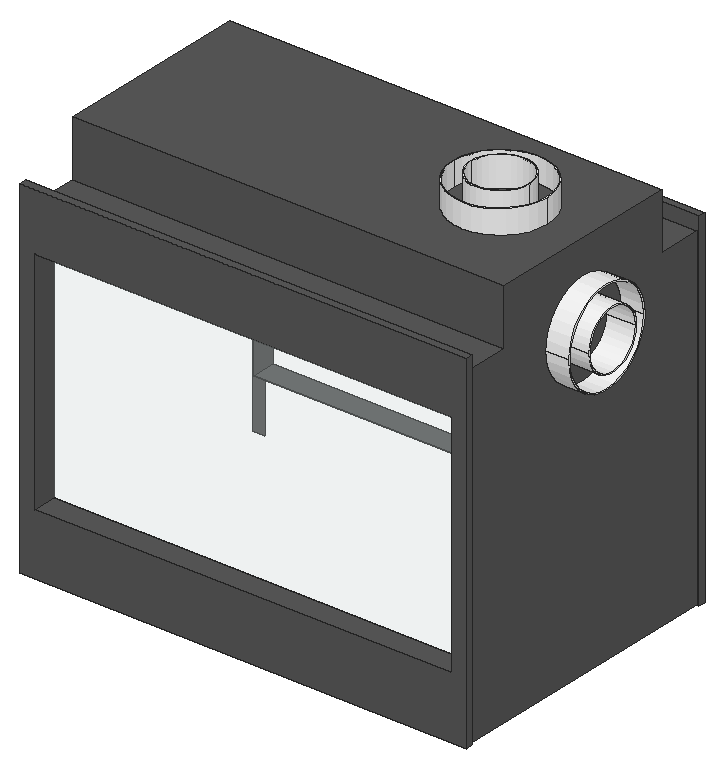
Revit family "L38", category Generic Models, Revit 2019
Family settings
  Can host rebar = No
  Round Connector Dimension = Use Diameter
  Part Type = Normal
  Work Plane-Based = No
  Always vertical = Yes
  Cut with Voids When Loaded = No
  Shared = No
  Room Calculation Point = No
Parameters
  Width = 12 5/16"
  URL = "https://www.montigo.com/"
  Model = ""
  Manufacturer Fax = ""
  Manufacturer Website = "https://www.montigo.com/"
  Manufacturer Phone - Toll Free = "800-378-3115"
  Manufacturer Phone = ""
  Manufacturer Address = "27342 Gloucester Way  Langley, BC, Canada   V4W 4A1"
  Manufacturer = "Montigo"
  Length = 53 7/16"
  Keynote = ""
  Glazing Tint = Glass - Montigo - Tint as Specified
  Frame Material = Metal - Montigo - Black
  Firebox Material = Metal - Montigo - White
  Fire Place Length = 50 5/16"
  Fire Place Height = 24 1/2"
  Fire Place - Opening = 16 9/16"
  Description = "Montigo Fireplace as Specified"
  Base Height = 6 9/16"
Reference planes (in)
  plane 1 "Center (Front/Back)": y = 0
  plane 2: z = 0
  plane 3 "Center (Left/Right)": x = 0
Forms (in)
  Extrusion 1, solid, material "Metal - Montigo - Black" <- "Frame Material"
    sketch origin (0, 0, 0) x (1, 0, 0) y (0, 1, 0)
      loop
        line (-17.8405, 12) -> (-17.8405, -12) -> (18.661, -12) -> (18.661, 12) -> (-17.8405, 12)
    from 0 to 28.298
  Extrusion 2, solid, material "Metal - Montigo - Black" <- "Frame Material"
    sketch origin (0, 0, 0) x (1, 0, 0) y (0, 1, 0)
      loop
        line (-17.8405, 8.3125) -> (-17.8405, -8.3125) -> (18.661, -8.3125) -> (18.661, 8.3125) -> (-17.8405, 8.3125)
    from 28.298 to 33.04599
  Extrusion 3, solid, material "Metal - Montigo - Black" <- "Frame Material"
    sketch origin (0, 0, 0) x (1, 0, 0) y (0, 1, 0)
      loop
        line (-18.845, 12) -> (18.875, 12) -> (18.875, 12.57495) -> (-18.845, 12.57495) -> (-18.845, 12)
    from 0 to 29.5
  Extrusion 4, solid, material "Metal - Montigo - Black" <- "Frame Material"
    sketch origin (0, 0, 0) x (1, 0, 0) y (0, 1, 0)
      loop
        line (-18.845, -12) -> (-18.845, -12.57495) -> (18.875, -12.57495) -> (18.875, -12) -> (-18.845, -12)
    from 0 to 29.5
  Extrusion 5, void
    sketch origin (42.25, -6.4375, 0) x (-1, 0, 0) y (0, 0, -1)
      loop
        line (59.86, -24.625) -> (59.86, -5.25) -> (24.61, -5.25) -> (24.61, -24.625) -> (59.86, -24.625)
    from 4.13605 to 12
  Extrusion 6, void
    sketch origin (42.25, 6.4375, 0) x (-1, 0, 0) y (0, 0, 1)
      loop
        line (59.86, 24.625) -> (24.61, 24.625) -> (24.61, 5.25) -> (59.86, 5.25) -> (59.86, 24.625)
    from 4.13605 to 12
Cuts and joins
  Extrusion 5, Extrusion 6 cuts Extrusion 1
  Extrusion 5, Extrusion 6 cuts Extrusion 2
  Extrusion 5, Extrusion 6 cuts Extrusion 3
  Extrusion 5, Extrusion 6 cuts Extrusion 4
  joined: Extrusion 1, Extrusion 2, Extrusion 3, Extrusion 4
Dimensions and locks (in)
  Extrusion 3 to Extrusion 3 = 37.72"
  aligned and locked: level to plane 2
  aligned and locked: nested 2 to plane 1 "Center (Front/Back)"
  aligned and locked: nested 1 to plane 1 "Center (Front/Back)"
  aligned and locked: nested 4 to plane 1 "Center (Front/Back)"
  aligned and locked: nested 3 to plane 1 "Center (Front/Back)"
Nested families (in)
  nested 1: "Duct Dia" at (11.661, 0, 33.04599) x (-1, 0, 0) z (0, 0, 1), type "5""
    with Intake Duct Dia 5", Intake Diameter 4 7/8", Height 2 1/2"
  nested 2: "Duct Dia" at (11.661, 0, 33.04599) x (-1, 0, 0) z (0, 0, 1), type "8""
    with Intake Duct Dia 8", Intake Diameter 7 7/8", Height 2"
  nested 3: "Duct Dia" at (18.661, 0, 26.25) x (0, 1, 0) z (1, 0, 0), type "5""
    with Intake Duct Dia 5", Intake Diameter 4 7/8", Height 2 1/2"
  nested 4: "Duct Dia" at (18.661, 0, 26.25) x (0, 1, 0) z (1, 0, 0), type "8""
    with Intake Duct Dia 8", Intake Diameter 7 7/8", Height 2"
Connectors (in)
  hvac at (11.661, 0, 35.54599)
    settings: on nested 1, index 2, duct flow 0.0 L/s, flow factor 0, pres drop 0.0 Pa, loss coef 0, conn angle 0.00°, conn width 304.8 mm, conn height 304.8 mm, conn diameter 127 mm, duct sys type 3, conn prof type 0, flow config 0, flow direction 0, loss method 0, conn ref index -1, conn util no, is conn primary yes, conn desc ""
  hvac at (11.661, 0, 35.04599)
    settings: on nested 2, index 3, duct flow 0.0 L/s, flow factor 0, pres drop 0.0 Pa, loss coef 0, conn angle 0.00°, conn width 304.8 mm, conn height 304.8 mm, conn diameter 203.2 mm, duct sys type 3, conn prof type 0, flow config 0, flow direction 0, loss method 0, conn ref index -1, conn util no, is conn primary no, conn desc ""
  hvac at (21.161, 0, 26.25)
    settings: on nested 3, index 4, duct flow 0.0 L/s, flow factor 0, pres drop 0.0 Pa, loss coef 0, conn angle 0.00°, conn width 304.8 mm, conn height 304.8 mm, conn diameter 127 mm, duct sys type 3, conn prof type 0, flow config 0, flow direction 0, loss method 0, conn ref index -1, conn util no, is conn primary no, conn desc ""
  hvac at (20.661, 0, 26.25)
    settings: on nested 4, index 5, duct flow 0.0 L/s, flow factor 0, pres drop 0.0 Pa, loss coef 0, conn angle 0.00°, conn width 304.8 mm, conn height 304.8 mm, conn diameter 203.2 mm, duct sys type 3, conn prof type 0, flow config 0, flow direction 0, loss method 0, conn ref index -1, conn util no, is conn primary no, conn desc ""
Definition of nested family "Duct Dia"
  Parameters (values of type "15 7/8" Dia.")
    Intake Duct Dia = 15 7/8"
    Intake Diameter = Intake Duct Dia - 1/8"  # 15 3/4"
    Height = 4"
    Firebox Material = none
    Default Elevation = 48"
  Types (12): name | Intake Duct Dia | Intake Diameter | Height
    9 7/8" Dia. | 9 7/8" | 9 3/4" | 4"
    7 7/8" Dia | 7 7/8" | 7 3/4" | 4"
    8 1/8" Dia | 8 1/8" | 8" | 1/4"
    11 3/4" Dia | 11 3/4" | 11 5/8" | 4"
    4" Dia | 10" | 9 7/8" | 4"
    7 3/4" Dia | 7 3/4" | 7 5/8" | 4"
    6 7/8" Dia | 6 7/8" | 6 3/4" | 1/4"
    9 3/4" Dia. | 9 3/4" | 9 5/8" | 4"
    7 1/8" Dia | 7 1/8" | 7" | 1/4"
    11 7/8" Dia. | 11 7/8" | 11 3/4" | 4"
    13 7/8" Dia. | 13 7/8" | 13 3/4" | 4"
    15 7/8" Dia. | 15 7/8" | 15 3/4" | 4"
  Reference planes (in)
    plane 1 "Center (Front/Back)": y = 0
    plane 2: z = 0
    plane 3 "Center (Left/Right)": x = 0
    plane 4: z = 4
  Forms (in)
    Extrusion 1, solid
      sketch origin (0, 0, 0) x (1, 0, 0) y (0, 1, 0)
        loop
          line (-48, 48) -> (-48, -48) -> (48, -48) -> (48, 48) -> (-48, 48)
      from 0 to -12
    Extrusion 2, solid, material <- "Firebox Material"
      sketch origin (0, 0, 0) x (1, 0, 0) y (0, 1, 0)
        loop
          circle (0, 0) r 7.9375
        loop
          circle (0, 0) r 7.875
      from 0 to 4
  Dimensions and locks (in)
    "Height": plane 4 to level
    "Intake Duct Dia": diameter of Extrusion 2 sketch curve
    "Intake Diameter": diameter of Extrusion 2 sketch curve
    aligned and locked: plane 2 to Extrusion 1
    aligned and locked: level to Extrusion 1
    aligned and locked: plane 4 to Extrusion 2
  Automatic sketch dimensions
    Extrusion 1 sketch curve to Extrusion 1 sketch curve = 96"  (x2)
    Extrusion 2 sketch curve to Extrusion 2 sketch curve = 0"  (x2)
    plane 1 "Center (Front/Back)" to Extrusion 2 sketch curve = 0"
    Extrusion 2 sketch curve to plane 3 "Center (Left/Right)" = 0"
